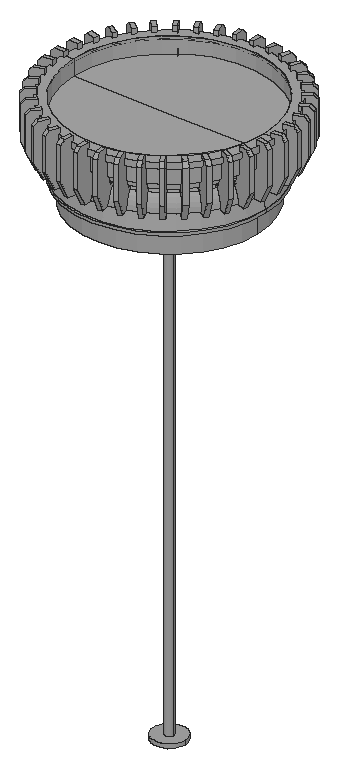
Revit family "KSL_Kemlux-Pendant", category Lighting Fixtures, host Face, Revit 2013 (continued)
Definition of nested family "KSL"
  Automatic sketch dimensions
    Extrusion 38 sketch curve to Extrusion 38 sketch curve = 0' - 1.02515"
    Extrusion 38 sketch curve to Extrusion 38 sketch curve = 0' - 0.67103"
    Extrusion 38 sketch curve to Extrusion 38 sketch curve = 0' - 1.93305"
    Extrusion 38 sketch curve to Extrusion 38 sketch curve = 0' - 0.08345"
    Extrusion 39 sketch curve to Extrusion 39 sketch curve = 0' - 0 7/16"
    Extrusion 39 sketch curve to Extrusion 39 sketch curve = 0' - 0.13206"
    Extrusion 39 sketch curve to Extrusion 39 sketch curve = 0' - 0.295"
    Extrusion 39 sketch curve to Extrusion 39 sketch curve = 0' - 0.38321"
    Extrusion 39 sketch curve to Extrusion 39 sketch curve = 0' - 0.43044"
    Extrusion 39 sketch curve to Extrusion 39 sketch curve = 0' - 0.57179"
    Extrusion 39 sketch curve to Extrusion 39 sketch curve = 0' - 0 1/4"  (x2)
    Extrusion 39 sketch curve to Extrusion 39 sketch curve = 0' - 0.39395"
    Extrusion 39 sketch curve to Extrusion 39 sketch curve = 0' - 1.02515"
    Extrusion 39 sketch curve to Extrusion 39 sketch curve = 0' - 0.67103"
    Extrusion 39 sketch curve to Extrusion 39 sketch curve = 0' - 1.93305"
    Extrusion 39 sketch curve to Extrusion 39 sketch curve = 0' - 0.08345"
    Extrusion 40 sketch curve to Extrusion 40 sketch curve = 0' - 0 7/16"
    Extrusion 40 sketch curve to Extrusion 40 sketch curve = 0' - 0.13206"
    Extrusion 40 sketch curve to Extrusion 40 sketch curve = 0' - 0.295"
    Extrusion 40 sketch curve to Extrusion 40 sketch curve = 0' - 0.38321"
    Extrusion 40 sketch curve to Extrusion 40 sketch curve = 0' - 0.43044"
    Extrusion 40 sketch curve to Extrusion 40 sketch curve = 0' - 0.57179"
    Extrusion 40 sketch curve to Extrusion 40 sketch curve = 0' - 0 1/4"  (x2)
    Extrusion 40 sketch curve to Extrusion 40 sketch curve = 0' - 0.39395"
    Extrusion 40 sketch curve to Extrusion 40 sketch curve = 0' - 1.02515"
    Extrusion 40 sketch curve to Extrusion 40 sketch curve = 0' - 0.67103"
    Extrusion 40 sketch curve to Extrusion 40 sketch curve = 0' - 1.93305"
    Extrusion 40 sketch curve to Extrusion 40 sketch curve = 0' - 0.08345"
    Extrusion 41 sketch curve to Extrusion 41 sketch curve = 0' - 0 7/16"
    Extrusion 41 sketch curve to Extrusion 41 sketch curve = 0' - 0.13206"
    Extrusion 41 sketch curve to Extrusion 41 sketch curve = 0' - 0.295"
    Extrusion 41 sketch curve to Extrusion 41 sketch curve = 0' - 0.38321"
    Extrusion 41 sketch curve to Extrusion 41 sketch curve = 0' - 0.43044"
    Extrusion 41 sketch curve to Extrusion 41 sketch curve = 0' - 0.57179"
    Extrusion 41 sketch curve to Extrusion 41 sketch curve = 0' - 0 1/4"  (x2)
    Extrusion 41 sketch curve to Extrusion 41 sketch curve = 0' - 0.39395"
    Extrusion 41 sketch curve to Extrusion 41 sketch curve = 0' - 1.02515"
    Extrusion 41 sketch curve to Extrusion 41 sketch curve = 0' - 0.67103"
    Extrusion 41 sketch curve to Extrusion 41 sketch curve = 0' - 1.93305"
    Extrusion 41 sketch curve to Extrusion 41 sketch curve = 0' - 0.08345"
    Extrusion 42 sketch curve to Extrusion 42 sketch curve = 0' - 0 7/16"
    Extrusion 42 sketch curve to Extrusion 42 sketch curve = 0' - 0.13206"
    Extrusion 42 sketch curve to Extrusion 42 sketch curve = 0' - 0.295"
    Extrusion 42 sketch curve to Extrusion 42 sketch curve = 0' - 0.38321"
    Extrusion 42 sketch curve to Extrusion 42 sketch curve = 0' - 0.43044"
    Extrusion 42 sketch curve to Extrusion 42 sketch curve = 0' - 0.57179"
    Extrusion 42 sketch curve to Extrusion 42 sketch curve = 0' - 0 1/4"  (x2)
    Extrusion 42 sketch curve to Extrusion 42 sketch curve = 0' - 0.39395"
    Extrusion 42 sketch curve to Extrusion 42 sketch curve = 0' - 1.02515"
    Extrusion 42 sketch curve to Extrusion 42 sketch curve = 0' - 0.67103"
    Extrusion 42 sketch curve to Extrusion 42 sketch curve = 0' - 1.93305"
    Extrusion 42 sketch curve to Extrusion 42 sketch curve = 0' - 0.08345"
    Extrusion 43 sketch curve to Extrusion 43 sketch curve = 0' - 0 7/16"
    Extrusion 43 sketch curve to Extrusion 43 sketch curve = 0' - 0.13206"
    Extrusion 43 sketch curve to Extrusion 43 sketch curve = 0' - 0.295"
    Extrusion 43 sketch curve to Extrusion 43 sketch curve = 0' - 0.38321"
    Extrusion 43 sketch curve to Extrusion 43 sketch curve = 0' - 0.43044"
    Extrusion 43 sketch curve to Extrusion 43 sketch curve = 0' - 0.57179"
    Extrusion 43 sketch curve to Extrusion 43 sketch curve = 0' - 0 1/4"  (x2)
    Extrusion 43 sketch curve to Extrusion 43 sketch curve = 0' - 0.39395"
    Extrusion 43 sketch curve to Extrusion 43 sketch curve = 0' - 1.02515"
    Extrusion 43 sketch curve to Extrusion 43 sketch curve = 0' - 0.67103"
    Extrusion 43 sketch curve to Extrusion 43 sketch curve = 0' - 1.93305"
    Extrusion 43 sketch curve to Extrusion 43 sketch curve = 0' - 0.08345"
    Extrusion 1 sketch curve to Extrusion 1 sketch curve = 8' - 0"  (x2)
    curve 8 to plane 7 = 0' - 0.35927"
    level to curve 10 = 0' - 1 3/4"
    curve 1 to plane 3 "Center (Left/Right)" = 0' - 0"
    plane 7 to curve 5 = 0' - 0"
    curve 11 to plane 7 = 0' - 0.35927"
    curve 2 to plane 7 = 0' - 0.45302"
    curve 8 to curve 8 = 0' - 0.39073"
    curve 2 to curve 4 = 0' - 0.39073"
    curve 4 to curve 4 = 0' - 0 1/4"
    plane 7 to curve 10 = 0' - 0.75471"
    plane 7 to curve 7 = 0' - 0.72501"
    plane 7 to curve 11 = 0' - 0.6022"
    plane 7 to curve 12 = 0' - 0.39176"
    plane 5 to curve 12 = 0' - 0.25875"
    curve 9 to curve 9 = 0' - 1"
    curve 7 to curve 6 = 0' - 0.62254"
    curve 5 to curve 2 = 0' - 0.37746"
    Revolve 2 sketch curve to level = 0' - 0"
    Revolve 2 sketch curve to plane 3 "Center (Left/Right)" = 0' - 0"  (x2)
    plane 7 to Revolve 2 sketch curve = 0' - 0"  (x2)
    level to Revolve 2 sketch curve = 0' - 0.16729"
    Revolve 2 sketch curve to plane 7 = 0' - 0.23742"
    Revolve 2 sketch curve to Revolve 2 sketch curve = 0' - 0.39032"
    Revolve 2 sketch curve to plane 7 = 0' - 0.45302"
    Revolve 2 sketch curve to Revolve 2 sketch curve = 0' - 0.49031"
    Revolve 2 sketch curve to Revolve 2 sketch curve = 0' - 0.00969"
    Revolve 2 sketch curve to Revolve 2 sketch curve = 0' - 0.51192"
    Revolve 2 sketch curve to Revolve 2 sketch curve = 0' - 0.39073"
    Revolve 2 sketch curve to Revolve 2 sketch curve = 0' - 0 1/4"
    plane 7 to Revolve 2 sketch curve = 0' - 0.70329"
    Revolve 2 sketch curve to Revolve 2 sketch curve = 0' - 0.08271"
    Revolve 2 sketch curve to Revolve 2 sketch curve = 0' - 1 1/8"
    Revolve 2 sketch curve to Revolve 2 sketch curve = 0' - 0.72893"
    Revolve 2 sketch curve to Revolve 2 sketch curve = 0' - 0.37746"
    Revolve 2 sketch curve to Revolve 2 sketch curve = 0' - 0.62007"
    Revolve 2 sketch curve to Revolve 2 sketch curve = 0' - 0.3497"
    Revolve 2 sketch curve to Revolve 2 sketch curve = 0' - 5 13/16"
    level to curve 6 = 0' - 5.37007"
    curve 4 to curve 12 = 0' - 0.3497"
    curve 4 to curve 2 = 0' - 0.55259"
    curve 12 to curve 3 = 0' - 0.2029"
    Revolve 2 sketch curve to Revolve 2 sketch curve = 0' - 3 3/4"
Types (10): name | Wattage Comments | Wattage | Watt | Photometric Web File | Pendant Height | Optics | built-in parameter 1150105 | Lumens | Lamp | built-in parameter 1150106 | built-in parameter 1150104 | Apparent Load
  (no name) | "57 Watts" | 57 W | 57 W | "KXL-24L-X-5K-5M.ies" | 3' - 0" | "Type V Square" | 476.27 (stored number, unit not read) | 5985 lm | "24 High Performanc LEDs" | 4.7627 (stored number, unit not read) | 9.7548 (stored number, unit not read) | 57 VA
  KSL-18L-X-5K-5M | "43 Watts" | 43 W | 43 W | "KXL-18L-X-5K-5M.ies" | 1' - 10 3/4" | "Type V Square" | 352.45 (stored number, unit not read) | 4429 lm | "18 High Performanc LEDs" | 3.5245 (stored number, unit not read) | 9.569 (stored number, unit not read) | 43 VA
  KSL-18L-X-5K-5R | "43 Watts" | 43 W | 43 W | "KXL-18L-X-5K-5R.ies" | 1' - 10 3/4" | "Type V Rectangle" | 345.6 (stored number, unit not read) | 4343 lm | "18 High Performanc LEDs" | 3.456 (stored number, unit not read) | 9.3832 (stored number, unit not read) | 43 VA
  KSL-18L-X-5K-N | "43 Watts" | 43 W | 43 W | "KXL-18L-X-5K-N.ies" | 1' - 10 3/4" | "Narrow" | 349.03 (stored number, unit not read) | 4386 lm | "18 High Performanc LEDs" | 3.4903 (stored number, unit not read) | 9.4761 (stored number, unit not read) | 43 VA
  KSL-24L-X-5K-5M | "57 Watts" | 57 W | 57 W | "KXL-24L-X-5K-5M.ies" | 3' - 0" | "Type V Square" | 476.27 (stored number, unit not read) | 5985 lm | "24 High Performanc LEDs" | 4.7627 (stored number, unit not read) | 9.7548 (stored number, unit not read) | 57 VA
  KSL-24L-X-5K-5R | "57 Watts" | 57 W | 57 W | "KXL-24L-X-5K-5R.ies" | 1' - 10 3/4" | "Type V Rectangle" | 453.59 (stored number, unit not read) | 5700 lm | "24 High Performanc LEDs" | 4.5359 (stored number, unit not read) | 9.2903 (stored number, unit not read) | 57 VA
  KSL-24L-X-5K-N | "57 Watts" | 57 W | 57 W | "KXL-24L-X-5K-N.ies" | 1' - 10 3/4" | "Narrow" | 467.2 (stored number, unit not read) | 5871 lm | "24 High Performanc LEDs" | 4.672 (stored number, unit not read) | 9.569 (stored number, unit not read) | 57 VA
  KSL-36L-X-5K-5M | "86 Watts" | 86 W | 86 W | "KXL-36L-X-5K-5M.ies" | 1' - 10 3/4" | "Type V Square" | 718.58 (stored number, unit not read) | 9030 lm | "36 High Performanc LEDs" | 7.1858 (stored number, unit not read) | 9.7548 (stored number, unit not read) | 86 VA
  KSL-36L-X-5K-5R | "86 Watts" | 86 W | 86 W | "KXL-36L-X-5K-5R.ies" | 1' - 10 3/4" | "Type V Rectangle" | 677.52 (stored number, unit not read) | 8514 lm | "36 High Performanc LEDs" | 6.7752 (stored number, unit not read) | 9.1974 (stored number, unit not read) | 86 VA
  KSL-36L-X-5K-N | "86 Watts" | 86 W | 86 W | "KXL-36L-X-5K-N.ies" | 1' - 10 3/4" | "Narrow" | 698.05 (stored number, unit not read) | 8772 lm | "36 High Performanc LEDs" | 6.9805 (stored number, unit not read) | 9.4761 (stored number, unit not read) | 86 VA
